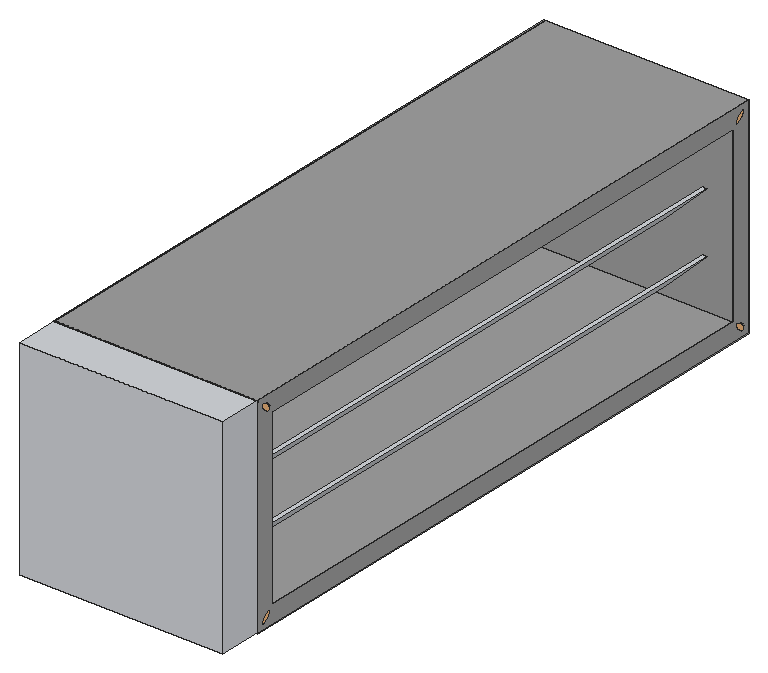
Revit family "DA_Клапан регулятор давления для VAV систем_КРДВ-П", category Арматура воздуховодов, Revit 2019
Family settings
  Размер круглого соединителя = Использовать диаметр
  Тип детали = Вставляется
  На основе рабочей плоскости = Нет
  Всегда вертикально = Да
  При загрузке вырезать с полостями = Нет
  Общий = Нет
Parameters (values of type "с изоляцией")
  н стоврок [instance] = if(H < 200 mm, 2, H / 75 mm - 1)  # 3
  изоляция выбор = if(Insulation visibility, 1, 0)  # 1
  вылет шумоизол = if(Insulation visibility, 75 mm, 1 mm)  # 75 mm
  ОБЩ_ДатаСемейства = "20230704"  # constant formula
  X [instance] = (H / 2) - 175 mm  # -25 mm
  V [instance] = HVAC_Airflow / (B * H) / 1.0 m/s  # 5.0926
  built-in parameter 1114242 [instance] = 1
  URL = ""
  Type Comments = ""
  Seal = Plastic
  Model = ""
  Mode = "P"
  Metal plate = Galvanized steel
  Manufacturer = ""
  Insulation visibility = yes
  Insulation filter = "Z"
  Insulation = Rock wool
  Installation space visibility [instance] = yes
  Installation space [instance] = 3 * B  # 3000 mm
  IfcExportAs = ""
  HVAC_Velocity [instance] = HVAC_Airflow / (B * H)  # 5.09259 m/s
  HVAC_Pressure drop [instance] = 0.0 Pa
  HVAC_Airflow checkup [instance] = if(HVAC_Airflow = 0.0 m³/h, "Type the air flow", if(HVAC_Airflow > HVAC_Airflow Vmax, "Air flow too high", if(HVAC_Airflow < HVAC_Airflow Vmin, "Air flow too low", "OK")))  # "OK"
  HVAC_Airflow Vnom [instance] = (HVAC_Airflow Vmax + HVAC_Airflow Vmin) / 2  # 6340.0 m³/h
  HVAC_Airflow Vmin [instance] = size_lookup("КРДВ-П", "HVAC_Airflow Vmin", 0.0 m³/h, B, H, изоляция выбор)  # 1880.0 m³/h
  HVAC_Airflow Vmax [instance] = size_lookup("КРДВ-П", "HVAC_Airflow Vmax", 0.0 m³/h, B, H, изоляция выбор)  # 10800.0 m³/h
  HVAC_Airflow [instance] = 5500.0 m³/h
  H/2+1 [instance] = (H / 2) + 1 mm  # 151 mm
  H/2 [instance] = H / 2  # 150 mm
  H+60 [instance] = H + 60 mm  # 360 mm
  H+1 [instance] = H + 1 mm  # 301 mm
  H [instance] = 300 mm
  Flap visbility 1 = yes
  Drive visibility-Z = Insulation visibility  # yes
  Drive visibility = not(Insulation visibility)  # no
  built-in parameter 1010103 = ""
  Description = "разработчик gladkovin@ya.ru"  # constant formula
  Damper blade thickness [instance] = if(B < 840 mm, 25 mm, if(B > 840 mm, 40 mm, 25 mm))  # 40 mm
  Clearance space visibility [instance] = yes
  B/2+1 [instance] = (B / 2) + 1 mm  # 501 mm
  B/2 [instance] = B / 2  # 500 mm
  B+60 [instance] = B + 60 mm  # 1060 mm
  B+1 [instance] = B + 1 mm  # 1001 mm
  B [instance] = 1000 mm
  ADSK_Обозначение = "КРДВ-П"
  ADSK_Наименование краткое = ""
  ADSK_Наименование [instance] = size_lookup("КРДВ-П", "Description", "не найден в каталоге", B, H, изоляция выбор)  # "Клапан регулятор давления для VAV систем, прямоугольный – КРДВ-П Ш*В:1000*300, автоматика Belimo VRU-M1R-BAC с датчиком +/- 75 Па и электроприводом LM24A-VST, 24 В, изоляция в кожухе 30 мм"
  ADSK_Материал обозначение = ""
  ADSK_Материал наименование = ""
  ADSK_Масса [instance] = 0
  ADSK_Марка [instance] = size_lookup("КРДВ-П", "", "---", B, H, изоляция выбор)  # "КРДВ-П Ш*В:1000*300"
  ADSK_Количество = 1
  ADSK_Код изделия [instance] = ""
  ADSK_Завод-изготовитель = "Veox"  # constant formula
  ADSK_Единица измерения = "шт"
  ADSK_Владелец вида = ""
Types (2, lengths in mm): name | изоляция выбор | вылет шумоизол | V | Insulation visibility | Installation space | HVAC_Velocity | HVAC_Airflow checkup | HVAC_Airflow Vnom | HVAC_Airflow Vmin | HVAC_Airflow Vmax | HVAC_Airflow | Drive visibility-Z | Drive visibility | Damper blade thickness | B/2+1 | B/2 | B+60 | B+1 | B | ADSK_Наименование краткое | ADSK_Наименование | ADSK_Марка
  с изоляцией | 1 | 75 | 5.0926 | yes | 3000 | 5.09259 m/s | "OK" | 6340.0 m³/h | 1880.0 m³/h | 10800.0 m³/h | 5500.0 m³/h | yes | no | 40 | 501 | 500 | 1060 | 1001 | 1000 | "" | "Клапан регулятор давления для VAV систем, прямоугольный – КРДВ-П Ш*В:1000*300, автоматика Belimo VRU-M1R-BAC с датчиком +/- 75 Па и электроприводом LM24A-VST, 24 В, изоляция в кожухе 30 мм" | "КРДВ-П Ш*В:1000*300"
  без изоляции | 0 | 1 | 0.92593 | no | 2100 | 0.925926 m/s | "Air flow too low" | 4440.0 m³/h | 1320.0 m³/h | 7560.0 m³/h | 700.0 m³/h | no | yes | 25 | 351 | 350 | 760 | 701 | 700 | "КРДВ-П" | "Клапан регулятор давления для VAV систем, прямоугольный – КРДВ-П Ш*В:700*300, автоматика Belimo VRU-M1R-BAC с датчиком +/- 75 Па и электроприводом LM24A-VST, 24 В" | "КРДВ-П Ш*В:700*300"
Reference planes
  plane 1 "Center (Front/Back)": y = 0
  plane 2: z = 0
  plane 3 "Center (Left/Right)": x = 0
  plane 4: x = -175
  plane 5: y = -500
  plane 6: x = 175
  plane 7: y = 500
  plane 8: z = 150
  plane 9: z = -150
  plane 10: y = 530
  plane 11: z = 180
  plane 12: y = -530
  plane 13: z = -180
  plane 14: x = -177
  plane 15: x = 177
  plane 16: z = -135
  plane 17: x = 95
  plane 18: x = 3177
  plane 19: z = 75
  plane 20: z = -30
  plane 21: y = -605
  plane 22: y = -530
  plane 23 "ввве": z = 181
Forms (mm)
  Extrusion 1, solid, material "Galvanized steel" <- "Metal plate", detail levels medium+fine
    sketch origin (0, 0, 0) x (0, 1, 0) y (0, 0, 1)
      loop
        line (500, 150) -> (-500, 150) -> (-500, -150) -> (500, -150) -> (500, 150)
      loop
        line (501, 151) -> (-501, 151) -> (-501, -151) -> (501, -151) -> (501, 151)
    from -175 to 175
  Extrusion 2, solid, material "Galvanized steel" <- "Metal plate", detail levels medium+fine
    sketch origin (0, 0, 0) x (0, 1, 0) y (0, 0, 1)
      loop
        line (500, 150) -> (-500, 150) -> (-500, -150) -> (500, -150) -> (500, 150)
      loop
        line (-530, -180) -> (530, -180) -> (530, 180) -> (-530, 180) -> (-530, -180)
      loop
        spline (521.563, 171.563) -> (520.358, 172.188) -> (518.655, 172.191) -> (516.571, 171.571) -> (514.247, 170.37) -> (511.841, 168.671) -> (509.518, 166.589) -> (507.436, 164.266) -> (505.737, 161.861) -> (504.537, 159.537) -> (503.917, 157.452) -> (503.919, 155.749) -> (504.544, 154.544)
        spline (504.544, 154.544) -> (505.749, 153.919) -> (507.452, 153.917) -> (509.537, 154.537) -> (511.861, 155.737) -> (514.266, 157.436) -> (516.589, 159.518) -> (518.671, 161.841) -> (520.37, 164.247) -> (521.571, 166.571) -> (522.191, 168.655) -> (522.188, 170.358) -> (521.563, 171.563)
      loop
        spline (521.563, -171.563) -> (522.188, -170.358) -> (522.191, -168.655) -> (521.571, -166.571) -> (520.37, -164.247) -> (518.671, -161.841) -> (516.589, -159.518) -> (514.266, -157.436) -> (511.861, -155.737) -> (509.537, -154.537) -> (507.452, -153.917) -> (505.749, -153.919) -> (504.544, -154.544)
        spline (504.544, -154.544) -> (503.919, -155.749) -> (503.917, -157.452) -> (504.537, -159.537) -> (505.737, -161.861) -> (507.436, -164.266) -> (509.518, -166.589) -> (511.841, -168.671) -> (514.247, -170.37) -> (516.571, -171.571) -> (518.655, -172.191) -> (520.358, -172.188) -> (521.563, -171.563)
      loop
        spline (-521.563, 171.563) -> (-522.188, 170.358) -> (-522.191, 168.655) -> (-521.571, 166.571) -> (-520.37, 164.247) -> (-518.671, 161.841) -> (-516.589, 159.518) -> (-514.266, 157.436) -> (-511.861, 155.737) -> (-509.537, 154.537) -> (-507.452, 153.917) -> (-505.749, 153.919) -> (-504.544, 154.544)
        spline (-504.544, 154.544) -> (-503.919, 155.749) -> (-503.917, 157.452) -> (-504.537, 159.537) -> (-505.737, 161.861) -> (-507.436, 164.266) -> (-509.518, 166.589) -> (-511.841, 168.671) -> (-514.247, 170.37) -> (-516.571, 171.571) -> (-518.655, 172.191) -> (-520.358, 172.188) -> (-521.563, 171.563)
      loop
        spline (-521.563, -171.563) -> (-520.358, -172.188) -> (-518.655, -172.191) -> (-516.571, -171.571) -> (-514.247, -170.37) -> (-511.841, -168.671) -> (-509.518, -166.589) -> (-507.436, -164.266) -> (-505.737, -161.861) -> (-504.537, -159.537) -> (-503.917, -157.452) -> (-503.919, -155.749) -> (-504.544, -154.544)
        spline (-504.544, -154.544) -> (-505.749, -153.919) -> (-507.452, -153.917) -> (-509.537, -154.537) -> (-511.861, -155.737) -> (-514.266, -157.436) -> (-516.589, -159.518) -> (-518.671, -161.841) -> (-520.37, -164.247) -> (-521.571, -166.571) -> (-522.191, -168.655) -> (-522.188, -170.358) -> (-521.563, -171.563)
    from 175 to 177
  Extrusion 3, solid, material "Galvanized steel" <- "Metal plate", detail levels medium+fine
    sketch origin (0, 0, 0) x (0, 1, 0) y (0, 0, 1)
      loop
        line (500, 150) -> (-500, 150) -> (-500, -150) -> (500, -150) -> (500, 150)
      loop
        line (-530, -180) -> (530, -180) -> (530, 180) -> (-530, 180) -> (-530, -180)
      loop
        spline (521.563, 171.563) -> (520.358, 172.188) -> (518.655, 172.191) -> (516.571, 171.571) -> (514.247, 170.37) -> (511.841, 168.671) -> (509.518, 166.589) -> (507.436, 164.266) -> (505.737, 161.861) -> (504.537, 159.537) -> (503.917, 157.452) -> (503.919, 155.749) -> (504.544, 154.544)
        spline (504.544, 154.544) -> (505.749, 153.919) -> (507.452, 153.917) -> (509.537, 154.537) -> (511.861, 155.737) -> (514.266, 157.436) -> (516.589, 159.518) -> (518.671, 161.841) -> (520.37, 164.247) -> (521.571, 166.571) -> (522.191, 168.655) -> (522.188, 170.358) -> (521.563, 171.563)
      loop
        spline (521.563, -171.563) -> (522.188, -170.358) -> (522.191, -168.655) -> (521.571, -166.571) -> (520.37, -164.247) -> (518.671, -161.841) -> (516.589, -159.518) -> (514.266, -157.436) -> (511.861, -155.737) -> (509.537, -154.537) -> (507.452, -153.917) -> (505.749, -153.919) -> (504.544, -154.544)
        spline (504.544, -154.544) -> (503.919, -155.749) -> (503.917, -157.452) -> (504.537, -159.537) -> (505.737, -161.861) -> (507.436, -164.266) -> (509.518, -166.589) -> (511.841, -168.671) -> (514.247, -170.37) -> (516.571, -171.571) -> (518.655, -172.191) -> (520.358, -172.188) -> (521.563, -171.563)
      loop
        spline (-521.563, 171.563) -> (-522.188, 170.358) -> (-522.191, 168.655) -> (-521.571, 166.571) -> (-520.37, 164.247) -> (-518.671, 161.841) -> (-516.589, 159.518) -> (-514.266, 157.436) -> (-511.861, 155.737) -> (-509.537, 154.537) -> (-507.452, 153.917) -> (-505.749, 153.919) -> (-504.544, 154.544)
        spline (-504.544, 154.544) -> (-503.919, 155.749) -> (-503.917, 157.452) -> (-504.537, 159.537) -> (-505.737, 161.861) -> (-507.436, 164.266) -> (-509.518, 166.589) -> (-511.841, 168.671) -> (-514.247, 170.37) -> (-516.571, 171.571) -> (-518.655, 172.191) -> (-520.358, 172.188) -> (-521.563, 171.563)
      loop
        spline (-521.563, -171.563) -> (-520.358, -172.188) -> (-518.655, -172.191) -> (-516.571, -171.571) -> (-514.247, -170.37) -> (-511.841, -168.671) -> (-509.518, -166.589) -> (-507.436, -164.266) -> (-505.737, -161.861) -> (-504.537, -159.537) -> (-503.917, -157.452) -> (-503.919, -155.749) -> (-504.544, -154.544)
        spline (-504.544, -154.544) -> (-505.749, -153.919) -> (-507.452, -153.917) -> (-509.537, -154.537) -> (-511.861, -155.737) -> (-514.266, -157.436) -> (-516.589, -159.518) -> (-518.671, -161.841) -> (-520.37, -164.247) -> (-521.571, -166.571) -> (-522.191, -168.655) -> (-522.188, -170.358) -> (-521.563, -171.563)
    from -175 to -177
  Extrusion 4, solid, material "Rock wool" <- "Insulation", visible <- "Insulation visibility", detail levels medium+fine
    sketch origin (0, 0, 0) x (0, 1, 0) y (0, 0, 1)
      loop
        line (530, 180) -> (-530, 180) -> (-530, -180) -> (530, -180) -> (530, 180)
      loop
        line (501, 151) -> (-501, 151) -> (-501, -151) -> (501, -151) -> (501, 151)
    from -175 to 175
  Sweep 5, solid, material "Galvanized steel" <- "Metal plate", visible <- "Insulation visibility"
    path in 3D
      loop
        line (-177, 530, -180) -> (-177, -530, -180) -> (-177, -530, 180) -> (-177, 530, 180) -> (-177, 530, -180)
    profile origin (-177, 530, 0) x (-1, 0, 0) y (0, -1, 0)
      loop
        line (0, -1) -> (0, 0) -> (-354, 0) -> (-354, -1) -> (0, -1)
  Extrusion 6, solid, detail levels fine
    sketch origin (0, 0, 0) x (1, 0, 0) y (0, 0, 1)
      loop
        line (-123, 56.366) -> (-123, 51.366) -> (-118, 51.366) -> (-118, 56.366) -> (-123, 56.366)
      loop
        line (-108, 56.366) -> (-108, 51.366) -> (-103, 51.366) -> (-103, 56.366) -> (-108, 56.366)
      loop
        line (-123, -56.366) -> (-118, -56.366) -> (-118, -51.366) -> (-123, -51.366) -> (-123, -56.366)
      loop
        line (-108, -56.366) -> (-103, -56.366) -> (-103, -51.366) -> (-108, -51.366) -> (-108, -56.366)
    from -500 to 500
  Extrusion 7, solid, visible <- "Insulation visibility", detail levels medium+fine
    sketch origin (0, 0, 0) x (0, 1, 0) y (0, 0, 1)
      loop
        line (-530, 180) -> (-605, 180) -> (-605, -180) -> (-530, -180) -> (-530, 180)
    from -175 to 175
Lines and regions (mm)
  sketch lines
    curve 1: line (-177, 530, 180) -> (-177, 530, -180)
    curve 2: line (-177, -530, 180) -> (-177, 530, 180)
    curve 3: line (-177, -530, -180) -> (-177, -530, 180)
    curve 4: line (-177, 530, -180) -> (-177, -530, -180)
  model lines, style "DuctAccessory"
    curve 5: line (-175, 500, 181) -> (175, 500, 181)
    curve 7: line (175, -500, 181) -> (-175, -500, 181)
    curve 8: line (175, 500, 181) -> (175, -500, 181)
    curve 9: line (-175, 80, 181) -> (175, 500, 181)
    curve 10: line (-175, -80, 181) -> (175, -500, 181)
    curve 11: line (135.461, -25.066, 181) -> (70.461, -25.066, 181)
    curve 12: line (134.961, 25.066, 181) -> (70.461, 25.066, 181)
    curve 13: line (70.876, 36.718, 181) -> (130.988, -40.222, 181)
  model lines, style "DuctAccessory", detail levels coarse
    curve 6: line (-175, -500, 181) -> (-175, 500, 181)
  model lines, style "Installation space", visible <- "Installation space visibility"
    curve 14: line (177, 500, 0) -> (3177, 500, 0)
    curve 15: line (177, -500, 0) -> (177, 500, 0)
    curve 16: line (3177, -500, 0) -> (177, -500, 0)
    curve 17: line (3177, 500, 0) -> (3177, -500, 0)
    curve 18: line (177, 500, 0) -> (3177, -500, 0)
    curve 19: line (177, -500, 0) -> (3177, 500, 0)
Dimensions and locks
  equal spacing: plane 4, plane 3 "Center (Left/Right)", plane 6
  locked: plane 4 to plane 6 at 350
  equal spacing: plane 7, plane 1 "Center (Front/Back)", plane 5
  "B": plane 7 to plane 5
  equal spacing: plane 8, level, plane 9
  "H": plane 8 to plane 9
  equal spacing: plane 10, plane 1 "Center (Front/Back)", plane 12
  "B+60": plane 10 to plane 12
  equal spacing: plane 11, level, plane 13
  "H+60": plane 11 to plane 13
  Extrusion 1 sketch curve to Extrusion 1 sketch curve = 1 mm  (x8)
  locked: plane 14 to plane 4 at 2
  locked: plane 6 to plane 15 at 2
  locked: Extrusion 2 sketch curve to Extrusion 2 sketch curve at 24.068  (x4)
  locked: Extrusion 2 sketch curve to Extrusion 2 sketch curve at 10  (x4)
  locked: Extrusion 2 sketch curve to Extrusion 2 sketch curve at 13.411  (x5)
  locked: Extrusion 2 sketch curve to Extrusion 2 sketch curve at 20.482  (x3)
  locked: Extrusion 3 sketch curve to Extrusion 3 sketch curve at 24.068  (x4)
  locked: Extrusion 3 sketch curve to Extrusion 3 sketch curve at 10  (x4)
  locked: Extrusion 3 sketch curve to Extrusion 3 sketch curve at 13.411  (x5)
  locked: Extrusion 3 sketch curve to Extrusion 3 sketch curve at 20.482  (x3)
  locked: plane 16 to plane 9 at 15
  Extrusion 4 to Sweep 5 sketch curve = 1 mm
  locked: Extrusion 6 sketch curve to Extrusion 6 sketch curve at 5  (x8)
  locked: Extrusion 6 sketch curve to level at 51.366  (x2)
  locked: level to Extrusion 6 sketch curve at 51.366  (x2)
  "Installation space": plane 15 to plane 18
  equal spacing: group 2, group 7, group 5  (x3)
  locked: plane 8 to plane 19 at 75
  "вылет шумоизол": plane 21 to plane 12
  locked: plane 5 to plane 22 at 30
  plane 23 "ввве" to plane 11 = 1 mm
  aligned and locked: level to plane 2
  aligned and locked: Extrusion 1 sketch curve to plane 7
  aligned and locked: Extrusion 1 sketch curve to plane 8
  aligned and locked: plane 5 to Extrusion 1 sketch curve
  aligned and locked: plane 9 to Extrusion 1 sketch curve
  aligned and locked: Extrusion 1 to plane 4
  aligned and locked: plane 6 to Extrusion 1
  aligned and locked: Extrusion 2 sketch curve to plane 10
  aligned and locked: plane 7 to Extrusion 2 sketch curve
  aligned and locked: plane 8 to Extrusion 2 sketch curve
  aligned and locked: Extrusion 2 sketch curve to plane 11
  aligned and locked: plane 12 to Extrusion 2 sketch curve
  aligned and locked: Extrusion 2 sketch curve to plane 5
  aligned and locked: Extrusion 2 sketch curve to plane 9
  aligned and locked: Extrusion 2 sketch curve to plane 13
  aligned and locked: Extrusion 2 to plane 15
  aligned and locked: Extrusion 2 to plane 6
  aligned and locked: Extrusion 3 sketch curve to plane 10
  aligned and locked: plane 7 to Extrusion 3 sketch curve
  aligned and locked: plane 8 to Extrusion 3 sketch curve
  aligned and locked: Extrusion 2 to Extrusion 3 sketch curve
  aligned and locked: plane 12 to Extrusion 3 sketch curve
  aligned and locked: Extrusion 3 sketch curve to plane 5
  aligned and locked: Extrusion 3 sketch curve to plane 9
  aligned and locked: Extrusion 3 sketch curve to plane 13
  aligned and locked: Extrusion 3 to plane 14
  aligned and locked: plane 4 to Extrusion 3
  aligned and locked: nested 1 to level
  aligned and locked: nested 1 to Extrusion 1
  aligned and locked: nested 2 to level
  aligned and locked: nested 3 to plane 16
  aligned and locked: Extrusion 4 sketch curve to plane 11
  aligned and locked: plane 10 to Extrusion 4 sketch curve
  aligned and locked: Extrusion 4 sketch curve to plane 13
  aligned and locked: Extrusion 4 sketch curve to plane 12
  aligned and locked: Extrusion 4 to plane 4
  aligned and locked: Extrusion 4 sketch curve to Extrusion 1  (x4)
  aligned and locked: Sweep 5 sketch curve to plane 15
  aligned and locked: Sweep 5 sketch curve to plane 10
  aligned and locked: Sweep 5 sketch curve to profile plane
  aligned and locked: nested 2 to Sweep 5
  aligned and locked: plane 7 to Extrusion 6
  aligned and locked: Extrusion 6 to plane 5
  aligned and locked: curve 5 to plane 7
  aligned and locked: plane 5 to curve 7
  aligned and locked: curve 8 to plane 6
  aligned and locked: plane 4 to curve 6
  aligned and locked: curve 15 to plane 15
  aligned and locked: plane 18 to curve 17
  aligned and locked: curve 14 to plane 7
  aligned and locked: curve 16 to plane 5
  aligned and locked: nested 5 to plane 19
  aligned and locked: nested 6 to plane 20
  aligned and locked: Extrusion 7 to plane 4
  aligned and locked: plane 6 to Extrusion 7
Automatic sketch dimensions
  plane 4 to Extrusion 6 sketch curve = 52 mm  (x2)
  Extrusion 6 sketch curve to Extrusion 6 sketch curve = 10 mm  (x2)
  Extrusion 7 sketch curve to plane 11 = 0 mm
  Extrusion 7 sketch curve to plane 21 = 0 mm
  Extrusion 7 sketch curve to plane 12 = 0 mm
  Extrusion 7 sketch curve to plane 13 = 0 mm
  curve 11 to plane 6 = 39.539 mm
  plane 17 to curve 12 = 39.961 mm
  curve 11 to curve 13 = 4.473 mm
  curve 13 to plane 17 = 24.124 mm
  curve 13 to curve 12 = 0.415 mm
  curve 11 to plane 17 = 24.539 mm
  curve 9 to plane 1 "Center (Front/Back)" = 80 mm
  curve 13 to plane 1 "Center (Front/Back)" = 36.718 mm
  curve 12 to plane 1 "Center (Front/Back)" = 25.066 mm
  plane 1 "Center (Front/Back)" to curve 11 = 25.066 mm
  curve 11 to curve 13 = 15.156 mm
  plane 1 "Center (Front/Back)" to curve 10 = 80 mm
Nested families
  nested 1: "Mechanism" at (95.131, -575, 0) x (-1, 0, 0) z (0, -1, 0), visible <- "Drive visibility", type "Mechanism", detail levels medium+fine
  nested 2: "Mechanism" at (95.131, -605, 0) x (-1, 0, 0) z (0, -1, 0), visible <- "Drive visibility-Z", type "Mechanism", detail levels medium+fine
  nested 3: "Flop" at (95, 0, -99.645) x (0, 1, 0) z (0, 0, 1), B <- "B", visible <- "Flap visbility 1", type "Flop", detail levels medium+fine
    with B 1000 mm
  nested 4: "Flop" at (95, 0, -99.645) x (0, 1, 0) z (0, 0, 1), B <- "B", visible <- "Flap visbility 1", type "Flop", not visible, detail levels medium+fine
    with B 1000 mm
  nested 5: "Flop" at (95, 0, 110.355) x (0, 1, 0) z (0, 0, 1), B <- "B", visible <- "Flap visbility 1", type "Flop", detail levels medium+fine
    with B 1000 mm
  nested 6: "Flop" at (95, 0, 5.355) x (0, 1, 0) z (0, 0, 1), B <- "B", visible <- "Flap visbility 1", type "Flop", detail levels medium+fine
    with B 1000 mm
Connectors
  hvac at (177, 0, 0), driven by "H", driven by "B", driven by "HVAC_Airflow", driven by "HVAC_Pressure drop"
    settings: on Extrusion 2, index 1, duct flow 5500.0 m³/h, flow factor 0, pres drop 0.0 Pa, loss coef 0, conn angle 0.00°, conn width 1000 mm, conn height 300 mm, conn diameter 609.6 mm, duct sys type 29, conn prof type 1, flow config 0, flow direction 0, loss method 4, conn ref index 2, conn util yes, is conn primary yes, conn desc ""
  hvac at (-177, 0, 0), driven by "H", driven by "B", driven by "HVAC_Airflow"
    settings: on Extrusion 3, index 2, duct flow 5500.0 m³/h, flow factor 0, pres drop 0.0 Pa, loss coef 0, conn angle 0.00°, conn width 1000 mm, conn height 300 mm, conn diameter 609.6 mm, duct sys type 29, conn prof type 1, flow config 0, flow direction 0, loss method 0, conn ref index 1, conn util yes, is conn primary no, conn desc ""
Definition of nested family "Mechanism"
  Reference planes
    plane 1 "Center (Front/Back)": y = 0
    plane 2: z = 0
    plane 3 "Center (Left/Right)": x = 0
  Forms (mm)
    Extrusion 1, solid, detail levels medium+fine
      sketch origin (-810.257, 0, 25) x (1, 0, 0) y (0, 1, 0)
        loop
          line (833.547, 33) -> (825.473, 24.926) -> (825.473, -24.926) -> (833.547, -33) -> (918.926, -33) -> (927, -24.926) -> (927, 24.926) -> (918.926, 33) -> (833.547, 33)
      from -74 to -55.25
    Extrusion 2, solid, detail levels medium+fine
      sketch origin (-810.257, 0, 0) x (1, 0, 0) y (0, 1, 0)
        loop
          line (791.396, 33) -> (788.646, 27.5) -> (788.646, -27.5) -> (791.396, -33) -> (901.896, -33) -> (904.646, -27.5) -> (904.646, 27.5) -> (901.896, 33) -> (791.396, 33)
      from -74 to -49
    Extrusion 3, solid, detail levels medium+fine
      sketch origin (-810.257, 0, 43.75) x (1, 0, 0) y (0, 1, 0)
        loop
          line (833.547, 33) -> (825.473, 24.926) -> (825.473, -24.926) -> (833.547, -33) -> (918.926, -33) -> (927, -24.926) -> (927, 24.926) -> (918.926, 33) -> (833.547, 33)
      from -74 to -55.25
    Extrusion 4, solid, detail levels medium+fine
      sketch origin (0.591, 0, 0) x (1, 0, 0) y (0, 1, 0)
        loop
          circle (-0.203, 0) r 10
      from -30.25 to -74
  Dimensions and locks
    Extrusion 2 sketch curve to Extrusion 2 sketch curve = 116 mm
    Extrusion 2 to Extrusion 4 sketch curve = 22 mm
    aligned and locked: level to plane 2
    aligned and locked: Extrusion 1 to Extrusion 2
    aligned and locked: Extrusion 3 to Extrusion 1
Definition of nested family "Flop"
  Parameters (values of type "Flop")
    Nested family filter = "Nested"
    Flop = none
    B [instance] = 600 mm
  Reference planes
    plane 1 "Center (Front/Back)": y = 0
    plane 2: z = 0
    plane 3 "Center (Left/Right)": x = 0
    plane 4: x = -300
    plane 5: x = 300
  Forms (mm)
    Extrusion 1, solid, material <- "Flop", detail levels fine
      sketch origin (0, 0, 0) x (0, 0.707107, 0.707107) y (0, -0.707107, 0.707107)
        loop
          line (0, 50) -> (0, -50) -> (5.142, -55.142) -> (5.142, 44.858) -> (0, 50)
      from -300 to 300
  Dimensions and locks
    equal spacing: plane 4, plane 3 "Center (Left/Right)", plane 5
    plane 5 to plane 4 = 600 mm
    "B": plane 4 to plane 5
    aligned and locked: level to plane 2
    aligned and locked: plane 4 to Extrusion 1
    aligned and locked: plane 5 to Extrusion 1
  Automatic sketch dimensions
    Extrusion 1 sketch curve to level = 35.355 mm
    Extrusion 1 sketch curve to plane 1 "Center (Front/Back)" = 35.355 mm
    Extrusion 1 sketch curve to Extrusion 1 sketch curve = 5.142 mm  (x3)
    Extrusion 1 sketch curve to Extrusion 1 sketch curve = 94.858 mm
